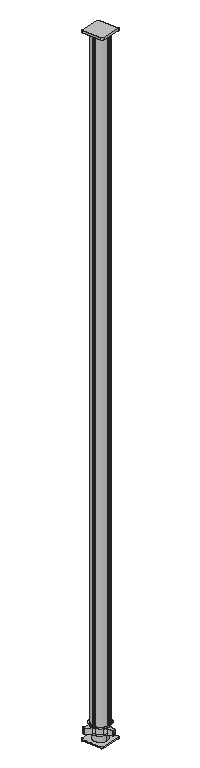
Revit family "EHL_ALUPROP 4,5-6,0_2220040", category Generic Models, Revit 2018
Family settings
  Can host rebar = No
  Round Connector Dimension = Use Diameter
  Part Type = Normal
  OmniClass Number = 35.51.14.00
  OmniClass Title = FORMWORK
  Work Plane-Based = Yes
  Always vertical = No
  Cut with Voids When Loaded = No
  Shared = Yes
  Room Calculation Point = No
Parameters (values of type "EHL_ALUPROP 4,5-6,0_2220040")
  VERSION = "20190101"  # constant formula
  URL = "www.ulmaconstruction.com/en"
  UNICLASS = ""
  Manufacturer = "ULMA CONSTRUCTION"  # constant formula
  MIN LENGTH = 4500.000 mm
  MAX LENGTH = 6000.000 mm
  ITEM_HEIGHT [instance] = if(HEIGHT < MIN LENGTH, MIN LENGTH, if(HEIGHT < MAX LENGTH, HEIGHT, MAX LENGTH))  # 4500.000 mm
  ITEM_CODE = "2220040"
  HEIGHT [instance] = 4500.000 mm
  FILTER [instance] = ""
  Default Elevation = 0.000 mm
  CLASSIFICATION_TITLE = ""
  CLASSIFICATION_NUMBER = ""
Reference planes
  plane 1 "Centro (Frontal/Posterior)": y = 0
  plane 2: z = 0
  plane 3 "Centro (Izquierda/Derecha)": x = 0
  plane 4 "ITEM_HEIGHT": z = 4500
  plane 5 "EXTERIOR TUBE": z = 58
  plane 6 "INSIDE TUBE": z = 1915
  plane 7 "NUT": z = 111
  plane 8: z = 4490
  plane 9: z = 10
  plane 10 "HEIGHT": z = 4500
Forms (mm)
  Extrusion 1, solid, material "ULMA ALUMINIUM", detail levels medium+fine
    sketch origin (0, 0, 0) x (1, 0, 0) y (0, 1, 0)
      loop
        arc (-65, 75) -> (-72.071, 72.071) -> (-75, 65) r 10
        line (-75, 65) -> (-75, -65)
        arc (-75, -65) -> (-72.071, -72.071) -> (-65, -75) r 10
        line (-65, -75) -> (65, -75)
        arc (65, -75) -> (72.071, -72.071) -> (75, -65) r 10
        line (75, -65) -> (75, 65)
        arc (75, 65) -> (72.071, 72.071) -> (65, 75) r 10
        line (65, 75) -> (-65, 75)
    from 0 to 10
  Extrusion 2, solid, material "ULMA ALUMINIUM", detail levels medium+fine
    sketch origin (0, 0, 0) x (1, 0, 0) y (0, 1, 0)
      loop
        circle (0, 0) r 47.5
    from 10 to 1915
  Extrusion 3, solid, material "ULMA ALUMINIUM", detail levels medium+fine
    sketch origin (0, 0, 740) x (1, 0, 0) y (0, 1, 0)
      loop
        arc (-65, 75) -> (-72.071, 72.071) -> (-75, 65) r 10
        line (-75, 65) -> (-75, -65)
        arc (-75, -65) -> (-72.071, -72.071) -> (-65, -75) r 10
        line (-65, -75) -> (65, -75)
        arc (65, -75) -> (72.071, -72.071) -> (75, -65) r 10
        line (75, -65) -> (75, 65)
        arc (75, 65) -> (72.071, 72.071) -> (65, 75) r 10
        line (65, 75) -> (-65, 75)
    from 3750 to 3760
  Extrusion 4, solid, material "ULMA ALUMINIUM", detail levels medium+fine
    sketch origin (0, 0, 0) x (1, 0, 0) y (0, 1, 0)
      loop
        arc (55.325, 8.668) -> (39.598, 39.598) -> (8.668, 55.325) r 56
        arc (8.668, 55.325) -> (8.221, 55.514) -> (7.916, 55.89) r 1
        line (7.916, 55.89) -> (6.404, 59.134)
        arc (6.404, 59.134) -> (5.85, 59.765) -> (5.044, 60) r 1.5
        line (5.044, 60) -> (-5.044, 60)
        arc (-5.044, 60) -> (-5.85, 59.765) -> (-6.404, 59.134) r 1.5
        line (-6.404, 59.134) -> (-7.916, 55.89)
        arc (-7.916, 55.89) -> (-8.221, 55.514) -> (-8.668, 55.325) r 1
        arc (-8.668, 55.325) -> (-39.598, 39.598) -> (-55.325, 8.668) r 56
        arc (-55.325, 8.668) -> (-55.514, 8.221) -> (-55.89, 7.916) r 1
        line (-55.89, 7.916) -> (-59.134, 6.404)
        arc (-59.134, 6.404) -> (-59.765, 5.85) -> (-60, 5.044) r 1.5
        line (-60, 5.044) -> (-60, -5.044)
        arc (-60, -5.044) -> (-59.765, -5.85) -> (-59.134, -6.404) r 1.5
        line (-59.134, -6.404) -> (-55.89, -7.916)
        arc (-55.89, -7.916) -> (-55.514, -8.221) -> (-55.325, -8.668) r 1
        arc (-55.325, -8.668) -> (-39.598, -39.598) -> (-8.668, -55.325) r 56
        arc (-8.668, -55.325) -> (-8.221, -55.514) -> (-7.916, -55.89) r 1
        line (-7.916, -55.89) -> (-6.404, -59.134)
        arc (-6.404, -59.134) -> (-5.85, -59.765) -> (-5.044, -60) r 1.5
        line (-5.044, -60) -> (5.044, -60)
        arc (5.044, -60) -> (5.85, -59.765) -> (6.404, -59.134) r 1.5
        line (6.404, -59.134) -> (7.916, -55.89)
        arc (7.916, -55.89) -> (8.221, -55.514) -> (8.668, -55.325) r 1
        arc (8.668, -55.325) -> (39.598, -39.598) -> (55.325, -8.668) r 56
        arc (55.325, -8.668) -> (55.514, -8.221) -> (55.89, -7.916) r 1
        line (55.89, -7.916) -> (59.134, -6.404)
        arc (59.134, -6.404) -> (59.765, -5.85) -> (60, -5.044) r 1.5
        line (60, -5.044) -> (60, 5.044)
        arc (60, 5.044) -> (59.765, 5.85) -> (59.134, 6.404) r 1.5
        line (59.134, 6.404) -> (55.89, 7.916)
        arc (55.89, 7.916) -> (55.514, 8.221) -> (55.325, 8.668) r 1
    from 111 to 4490
  Revolve 5, solid, material "ULMA ALUMINIUM", detail levels fine
    sketch origin (0, 0, 0) x (1, 0, 0) y (0, 0, 1)
      loop
        line (-67.5, 111) -> (-67.5, 106.7) -> (-54, 106.7) -> (-54, 62.998) -> (-62.5, 62.998) -> (-62.5, 58) -> (0, 58) -> (0, 111) -> (-67.5, 111)
      axis (0, 111) -> (0, 58)
    angle from 0 to 360
  Extrusion 6, solid, material "ULMA ALUMINIUM", detail levels fine
    sketch origin (0, 0, 0) x (1, 0, 0) y (0, 1, 0)
      loop
        line (-45.999, 42.313) -> (-49.88, 14.697) -> (12.212, 50.546) -> (-13.645, 60.992) -> (-40.109, 87.457)
        arc (-40.109, 87.457) -> (-42.401, 88.764) -> (-45.04, 88.722) r 5
        arc (-45.04, 88.722) -> (-49.75, 86.17) -> (-54.316, 83.367) r 99.5
        arc (-54.316, 83.367) -> (-55.671, 81.102) -> (-55.685, 78.464) r 5
        line (-55.685, 78.464) -> (-45.999, 42.313)
      loop
        line (59.643, 18.68) -> (37.668, 35.848) -> (37.668, -35.848) -> (59.643, -18.68) -> (95.794, -8.993)
        arc (95.794, -8.993) -> (98.072, -7.662) -> (99.356, -5.356) r 5
        arc (99.356, -5.356) -> (99.5, 0) -> (99.356, 5.356) r 99.5
        arc (99.356, 5.356) -> (98.072, 7.662) -> (95.794, 8.993) r 5
        line (95.794, 8.993) -> (59.643, 18.68)
      loop
        line (-13.645, -60.992) -> (12.212, -50.546) -> (-49.88, -14.697) -> (-45.999, -42.313) -> (-55.685, -78.464)
        arc (-55.685, -78.464) -> (-55.671, -81.102) -> (-54.316, -83.367) r 5
        arc (-54.316, -83.367) -> (-49.75, -86.17) -> (-45.04, -88.722) r 99.5
        arc (-45.04, -88.722) -> (-42.401, -88.764) -> (-40.109, -87.457) r 5
        line (-40.109, -87.457) -> (-13.645, -60.992)
    from 58 to 92.998
Cuts and joins
  joined: Revolve 5, Extrusion 6
Lines and regions (mm)
  model lines, style "ULMA ALUPROP", detail levels fine
    curve 1: circle (-58.362, 58.362, 0) r 6 normal (0, 0, 1)
    curve 2: circle (-25.831, 62.362, 0) r 6 normal (0, 0, 1)
    curve 3: circle (25.831, 62.362, 0) r 6 normal (0, 0, 1)
    curve 4: circle (58.362, 58.362, 0) r 6 normal (0, 0, 1)
    curve 5: circle (62.362, 25.831, 0) r 6 normal (0, 0, 1)
    curve 6: circle (62.362, -25.831, 0) r 6 normal (0, 0, 1)
    curve 7: circle (58.362, -58.362, 0) r 6 normal (0, 0, 1)
    curve 8: circle (25.831, -62.362, 0) r 6 normal (0, 0, 1)
    curve 9: circle (-25.831, -62.362, 0) r 6 normal (0, 0, 1)
    curve 10: circle (-58.362, -58.362, 0) r 6 normal (0, 0, 1)
    curve 11: circle (-62.362, -25.831, 0) r 6 normal (0, 0, 1)
    curve 12: circle (-62.362, 25.831, 0) r 6 normal (0, 0, 1)
    curve 13: circle (0, 0, 0) r 21 normal (0, 0, 1)
    curve 14: circle (-58.362, 58.362, 4500) r 6 normal (0, 0, 1)
    curve 15: circle (-25.831, 62.362, 4500) r 6 normal (0, 0, 1)
    curve 16: circle (25.831, 62.362, 4500) r 6 normal (0, 0, 1)
    curve 17: circle (58.362, 58.362, 4500) r 6 normal (0, 0, 1)
    curve 18: circle (62.362, 25.831, 4500) r 6 normal (0, 0, 1)
    curve 19: circle (62.362, -25.831, 4500) r 6 normal (0, 0, 1)
    curve 20: circle (58.362, -58.362, 4500) r 6 normal (0, 0, 1)
    curve 21: circle (25.831, -62.362, 4500) r 6 normal (0, 0, 1)
    curve 22: circle (-25.831, -62.362, 4500) r 6 normal (0, 0, 1)
    curve 23: circle (-58.362, -58.362, 4500) r 6 normal (0, 0, 1)
    curve 24: circle (-62.362, -25.831, 4500) r 6 normal (0, 0, 1)
    curve 25: circle (-62.362, 25.831, 4500) r 6 normal (0, 0, 1)
    curve 26: circle (0, 0, 4500) r 21 normal (0, 0, 1)
    curve 27: circle (-58.362, 58.362, 10) r 6 normal (0, 0, 1)
    curve 28: circle (-25.831, 62.362, 10) r 6 normal (0, 0, 1)
    curve 29: circle (25.831, 62.362, 10) r 6 normal (0, 0, 1)
    curve 30: circle (58.362, 58.362, 10) r 6 normal (0, 0, 1)
    curve 31: circle (62.362, 25.831, 10) r 6 normal (0, 0, 1)
    curve 32: circle (62.362, -25.831, 10) r 6 normal (0, 0, 1)
    curve 33: circle (58.362, -58.362, 10) r 6 normal (0, 0, 1)
    curve 34: circle (25.831, -62.362, 10) r 6 normal (0, 0, 1)
    curve 35: circle (-25.831, -62.362, 10) r 6 normal (0, 0, 1)
    curve 36: circle (-58.362, -58.362, 10) r 6 normal (0, 0, 1)
    curve 37: circle (-62.362, -25.831, 10) r 6 normal (0, 0, 1)
    curve 38: circle (-62.362, 25.831, 10) r 6 normal (0, 0, 1)
    curve 39: circle (-58.362, 58.362, 4490) r 6 normal (0, 0, 1)
    curve 40: circle (-25.831, 62.362, 4490) r 6 normal (0, 0, 1)
    curve 41: circle (25.831, 62.362, 4490) r 6 normal (0, 0, 1)
    curve 42: circle (58.362, 58.362, 4490) r 6 normal (0, 0, 1)
    curve 43: circle (62.362, 25.831, 4490) r 6 normal (0, 0, 1)
    curve 44: circle (62.362, -25.831, 4490) r 6 normal (0, 0, 1)
    curve 45: circle (58.362, -58.362, 4490) r 6 normal (0, 0, 1)
    curve 46: circle (25.831, -62.362, 4490) r 6 normal (0, 0, 1)
    curve 47: circle (-25.831, -62.362, 4490) r 6 normal (0, 0, 1)
    curve 48: circle (-58.362, -58.362, 4490) r 6 normal (0, 0, 1)
    curve 49: circle (-62.362, -25.831, 4490) r 6 normal (0, 0, 1)
    curve 50: circle (-62.362, 25.831, 4490) r 6 normal (0, 0, 1)
    curve 51: circle (0, 0, 58) r 47.5 normal (0, 0, 1)
  model lines, style "ULMA ALUPROP", detail levels coarse
    curve 52: circle (0, 0, 0) r 50 normal (0, 0, 1)
    curve 53: line (0, 0, 0) -> (0, 0, 4500)
Dimensions and locks
  equal spacing: plane 7 "NUT", Revolve 5 sketch curve, Revolve 5 sketch curve, plane 5 "EXTERIOR TUBE"
  locked: cut or joined group of Revolve 5, Extrusion 6 to plane 5 "EXTERIOR TUBE" at 34.998
  "ITEM_HEIGHT": plane 4 "ITEM_HEIGHT" to plane 2
  plane 4 "ITEM_HEIGHT" to plane 8 = 10.000 mm
  locked: plane 9 to plane 2 at 10
  "HEIGHT": plane 10 "HEIGHT" to plane 2
  locked: plane 6 "INSIDE TUBE" to plane 9 at 1905
  locked: plane 7 "NUT" to plane 5 "EXTERIOR TUBE" at 53
  locked: plane 8 to plane 7 "NUT" at 4379
  aligned and locked: level to plane 2
  aligned and locked: Extrusion 2 to Extrusion 1
  aligned and locked: plane 6 "INSIDE TUBE" to Extrusion 2
  aligned and locked: plane 4 "ITEM_HEIGHT" to Extrusion 3
  aligned and locked: Extrusion 4 to Extrusion 3
  aligned and locked: Extrusion 4 to plane 7 "NUT"
  aligned and locked: cut or joined group of Revolve 5, Extrusion 6 to plane 5 "EXTERIOR TUBE"
  aligned and locked: Extrusion 3 to plane 8
  aligned and locked: plane 9 to Extrusion 1
  aligned and locked: plane 4 "ITEM_HEIGHT" to curve 53
  aligned and locked: plane 2 to curve 53
Automatic sketch dimensions
  Extrusion 1 sketch curve to plane 3 "Centro (Izquierda/Derecha)" = 75.000 mm
  Extrusion 1 sketch curve to Extrusion 1 sketch curve = 10.000 mm  (x3)
  plane 3 "Centro (Izquierda/Derecha)" to Extrusion 1 sketch curve = 65.000 mm  (x2)
  plane 1 "Centro (Frontal/Posterior)" to Extrusion 1 sketch curve = 75.000 mm
  Extrusion 1 sketch curve to plane 1 "Centro (Frontal/Posterior)" = 65.000 mm
  plane 1 "Centro (Frontal/Posterior)" to Extrusion 2 sketch curve = 0.000 mm
  Extrusion 2 sketch curve to plane 3 "Centro (Izquierda/Derecha)" = 0.000 mm
  Extrusion 3 sketch curve to plane 3 "Centro (Izquierda/Derecha)" = 75.000 mm
  Extrusion 3 sketch curve to Extrusion 3 sketch curve = 10.000 mm  (x3)
  plane 3 "Centro (Izquierda/Derecha)" to Extrusion 3 sketch curve = 65.000 mm  (x2)
  plane 1 "Centro (Frontal/Posterior)" to Extrusion 3 sketch curve = 75.000 mm
  Extrusion 3 sketch curve to plane 1 "Centro (Frontal/Posterior)" = 65.000 mm
  Extrusion 4 sketch curve to Extrusion 4 sketch curve = 0.000 mm  (x20)
  plane 1 "Centro (Frontal/Posterior)" to Extrusion 4 sketch curve = 0.000 mm
  Extrusion 4 sketch curve to plane 3 "Centro (Izquierda/Derecha)" = 0.000 mm
  Extrusion 4 sketch curve to plane 3 "Centro (Izquierda/Derecha)" = 5.044 mm  (x2)
  Extrusion 4 sketch curve to Extrusion 4 sketch curve = 1.359 mm  (x4)
  Extrusion 4 sketch curve to Extrusion 4 sketch curve = 1.512 mm  (x4)
  Extrusion 4 sketch curve to Extrusion 4 sketch curve = 0.906 mm  (x8)
  plane 1 "Centro (Frontal/Posterior)" to Extrusion 4 sketch curve = 7.916 mm  (x2)
  Extrusion 4 sketch curve to plane 3 "Centro (Izquierda/Derecha)" = 55.890 mm
  Extrusion 4 sketch curve to plane 1 "Centro (Frontal/Posterior)" = 7.916 mm  (x2)
  Extrusion 4 sketch curve to Extrusion 4 sketch curve = 0.423 mm  (x8)
  Extrusion 4 sketch curve to Extrusion 4 sketch curve = 2.610 mm  (x8)
  Extrusion 4 sketch curve to plane 1 "Centro (Frontal/Posterior)" = 6.404 mm  (x2)
  Extrusion 4 sketch curve to Extrusion 4 sketch curve = 0.634 mm  (x6)
  plane 1 "Centro (Frontal/Posterior)" to Extrusion 4 sketch curve = 6.404 mm  (x2)
  Extrusion 4 sketch curve to Extrusion 4 sketch curve = 1.500 mm  (x2)
  plane 3 "Centro (Izquierda/Derecha)" to Extrusion 4 sketch curve = 5.044 mm  (x2)
  plane 3 "Centro (Izquierda/Derecha)" to Extrusion 4 sketch curve = 55.890 mm
  plane 1 "Centro (Frontal/Posterior)" to Extrusion 4 sketch curve = 55.890 mm
  Extrusion 4 sketch curve to plane 1 "Centro (Frontal/Posterior)" = 55.890 mm
  Revolve 5 sketch curve to plane 7 "NUT" = 0.000 mm  (x2)
  Revolve 5 sketch curve to plane 5 "EXTERIOR TUBE" = 0.000 mm  (x2)
  Revolve 5 sketch curve to plane 3 "Centro (Izquierda/Derecha)" = 0.000 mm  (x2)
  Revolve 5 sketch curve to plane 7 "NUT" = 4.300 mm
  Revolve 5 sketch curve to plane 3 "Centro (Izquierda/Derecha)" = 54.000 mm
  Revolve 5 sketch curve to Revolve 5 sketch curve = 8.500 mm
  Revolve 5 sketch curve to Revolve 5 sketch curve = 13.500 mm
  plane 5 "EXTERIOR TUBE" to Revolve 5 sketch curve = 4.998 mm
  Extrusion 6 sketch curve to Extrusion 6 sketch curve = 0.000 mm  (x7)
  plane 1 "Centro (Frontal/Posterior)" to Extrusion 6 sketch curve = 0.000 mm
  Extrusion 6 sketch curve to plane 3 "Centro (Izquierda/Derecha)" = 0.000 mm
  Extrusion 6 sketch curve to plane 3 "Centro (Izquierda/Derecha)" = 13.645 mm  (x2)
  Extrusion 6 sketch curve to Extrusion 6 sketch curve = 26.464 mm  (x2)
  Extrusion 6 sketch curve to Extrusion 6 sketch curve = 3.536 mm  (x4)
  Extrusion 6 sketch curve to Extrusion 6 sketch curve = 32.354 mm  (x2)
  plane 1 "Centro (Frontal/Posterior)" to Extrusion 6 sketch curve = 14.697 mm
  Extrusion 6 sketch curve to Extrusion 6 sketch curve = 3.881 mm  (x2)
  Extrusion 6 sketch curve to plane 1 "Centro (Frontal/Posterior)" = 14.697 mm
  Extrusion 6 sketch curve to Extrusion 6 sketch curve = 7.211 mm  (x2)
  Extrusion 6 sketch curve to Extrusion 6 sketch curve = 4.830 mm  (x2)
  plane 3 "Centro (Izquierda/Derecha)" to Extrusion 6 sketch curve = 12.212 mm  (x2)
  Extrusion 6 sketch curve to Extrusion 6 sketch curve = 25.457 mm
  plane 1 "Centro (Frontal/Posterior)" to Extrusion 6 sketch curve = 18.680 mm
  Extrusion 6 sketch curve to Extrusion 6 sketch curve = 21.975 mm  (x2)
  Extrusion 6 sketch curve to plane 1 "Centro (Frontal/Posterior)" = 18.680 mm
  Extrusion 6 sketch curve to plane 1 "Centro (Frontal/Posterior)" = 4.163 mm
  Extrusion 6 sketch curve to Extrusion 6 sketch curve = 34.857 mm
  plane 1 "Centro (Frontal/Posterior)" to Extrusion 6 sketch curve = 4.163 mm
  plane 1 "Centro (Frontal/Posterior)" to Extrusion 6 sketch curve = 8.993 mm
  Extrusion 6 sketch curve to Extrusion 6 sketch curve = 1.294 mm  (x4)
  Extrusion 6 sketch curve to plane 1 "Centro (Frontal/Posterior)" = 8.993 mm
  Extrusion 6 sketch curve to Extrusion 6 sketch curve = 17.169 mm  (x2)
  Extrusion 6 sketch curve to Extrusion 6 sketch curve = 27.615 mm  (x2)
  Extrusion 6 sketch curve to Extrusion 6 sketch curve = 14.697 mm  (x2)
  Extrusion 6 sketch curve to Extrusion 6 sketch curve = 10.447 mm  (x2)
  Extrusion 6 sketch curve to Extrusion 6 sketch curve = 36.151 mm  (x2)
  Extrusion 6 sketch curve to Extrusion 6 sketch curve = 4.163 mm  (x2)
  Extrusion 6 sketch curve to Extrusion 6 sketch curve = 1.395 mm  (x2)
  Extrusion 6 sketch curve to Extrusion 6 sketch curve = 4.856 mm
  curve 25 to Extrusion 3 = 12.638 mm
  curve 24 to Extrusion 3 = 12.638 mm
  curve 23 to Extrusion 3 = 16.638 mm  (x2)
  curve 14 to Extrusion 3 = 16.638 mm  (x2)
  curve 22 to Extrusion 3 = 12.638 mm
  curve 23 to curve 22 = 32.531 mm
  curve 15 to Extrusion 3 = 12.638 mm
  curve 14 to curve 15 = 32.531 mm
  curve 15 to curve 26 = 25.831 mm
  curve 16 to Extrusion 3 = 12.638 mm
  curve 16 to Extrusion 3 = 49.169 mm
  curve 21 to Extrusion 3 = 12.638 mm
  curve 21 to Extrusion 3 = 49.169 mm
  curve 17 to Extrusion 3 = 16.638 mm  (x2)
  curve 20 to Extrusion 3 = 16.638 mm  (x2)
  curve 18 to Extrusion 3 = 12.638 mm
  curve 19 to Extrusion 3 = 12.638 mm
  curve 20 to curve 19 = 32.531 mm
  curve 23 to curve 24 = 32.531 mm
  curve 26 to curve 15 = 62.362 mm
  curve 25 to Extrusion 3 = 49.169 mm
  curve 18 to Extrusion 3 = 49.169 mm
  curve 37 to Extrusion 1 = 12.638 mm
  curve 38 to Extrusion 1 = 12.638 mm
  curve 36 to Extrusion 1 = 16.638 mm  (x2)
  curve 27 to Extrusion 1 = 16.638 mm  (x2)
  curve 28 to Extrusion 1 = 12.638 mm
  curve 27 to curve 28 = 32.531 mm
  curve 35 to Extrusion 1 = 12.638 mm
  curve 36 to curve 35 = 32.531 mm
  curve 34 to Extrusion 1 = 12.638 mm
  curve 34 to Extrusion 1 = 49.169 mm
  curve 29 to Extrusion 1 = 12.638 mm
  curve 29 to Extrusion 1 = 49.169 mm
  curve 30 to Extrusion 1 = 16.638 mm  (x2)
  curve 33 to Extrusion 1 = 16.638 mm  (x2)
  curve 32 to Extrusion 1 = 12.638 mm
  curve 31 to Extrusion 1 = 12.638 mm
  curve 33 to curve 32 = 32.531 mm
  curve 36 to curve 37 = 32.531 mm
  curve 38 to Extrusion 1 = 49.169 mm
  curve 31 to Extrusion 1 = 49.169 mm
  Extrusion 3 to curve 49 = 12.638 mm
  Extrusion 3 to curve 50 = 12.638 mm
  Extrusion 3 to curve 48 = 16.638 mm  (x2)
  Extrusion 3 to curve 39 = 16.638 mm  (x2)
  Extrusion 3 to curve 40 = 12.638 mm
  curve 39 to curve 40 = 32.531 mm
  Extrusion 3 to curve 47 = 12.638 mm
  curve 48 to curve 47 = 32.531 mm
  Extrusion 3 to curve 46 = 12.638 mm
  Extrusion 3 to curve 46 = 49.169 mm
  Extrusion 3 to curve 41 = 12.638 mm
  Extrusion 3 to curve 41 = 49.169 mm
  Extrusion 3 to curve 42 = 16.638 mm  (x2)
  Extrusion 3 to curve 45 = 16.638 mm  (x2)
  Extrusion 3 to curve 44 = 12.638 mm
  Extrusion 3 to curve 43 = 12.638 mm
  curve 45 to curve 44 = 32.531 mm
  curve 48 to curve 49 = 32.531 mm
  Extrusion 3 to curve 50 = 49.169 mm
  Extrusion 3 to curve 43 = 49.169 mm
  curve 13 to curve 52 = 0.000 mm  (x2)
  plane 1 "Centro (Frontal/Posterior)" to curve 13 = 0.000 mm
  curve 13 to plane 3 "Centro (Izquierda/Derecha)" = 0.000 mm
  curve 2 to plane 3 "Centro (Izquierda/Derecha)" = 25.831 mm
  curve 9 to plane 3 "Centro (Izquierda/Derecha)" = 25.831 mm
  curve 1 to curve 2 = 32.531 mm
  curve 10 to curve 9 = 32.531 mm
  curve 12 to curve 1 = 4.000 mm
  curve 11 to curve 10 = 4.000 mm
  plane 3 "Centro (Izquierda/Derecha)" to curve 8 = 25.831 mm
  plane 3 "Centro (Izquierda/Derecha)" to curve 3 = 25.831 mm
  curve 3 to curve 4 = 32.531 mm
  curve 8 to curve 7 = 32.531 mm
  curve 4 to curve 5 = 4.000 mm
  curve 7 to curve 6 = 4.000 mm
  plane 1 "Centro (Frontal/Posterior)" to curve 11 = 25.831 mm
  plane 1 "Centro (Frontal/Posterior)" to curve 6 = 25.831 mm
  curve 7 to curve 6 = 32.531 mm
  curve 10 to curve 11 = 32.531 mm
  curve 8 to curve 7 = 4.000 mm
  curve 9 to curve 10 = 4.000 mm
  curve 12 to plane 1 "Centro (Frontal/Posterior)" = 25.831 mm
  curve 5 to plane 1 "Centro (Frontal/Posterior)" = 25.831 mm
  curve 12 to curve 1 = 32.531 mm
  curve 5 to curve 4 = 32.531 mm
  curve 1 to curve 2 = 4.000 mm
  curve 4 to curve 3 = 4.000 mm
  curve 53 to plane 3 "Centro (Izquierda/Derecha)" = 0.000 mm
  radius of Extrusion 2 sketch curve = 47.500 mm
  radius of curve 14 = 6.000 mm
  radius of curve 15 = 6.000 mm
  radius of curve 16 = 6.000 mm
  radius of curve 17 = 6.000 mm
  radius of curve 18 = 6.000 mm
  radius of curve 19 = 6.000 mm
  radius of curve 20 = 6.000 mm
  radius of curve 21 = 6.000 mm
  radius of curve 22 = 6.000 mm
  radius of curve 23 = 6.000 mm
  radius of curve 24 = 6.000 mm
  radius of curve 25 = 6.000 mm
  radius of curve 26 = 21.000 mm
  radius of curve 27 = 6.000 mm
  radius of curve 28 = 6.000 mm
  radius of curve 29 = 6.000 mm
  radius of curve 30 = 6.000 mm
  radius of curve 31 = 6.000 mm
  radius of curve 32 = 6.000 mm
  radius of curve 33 = 6.000 mm
  radius of curve 34 = 6.000 mm
  radius of curve 35 = 6.000 mm
  radius of curve 36 = 6.000 mm
  radius of curve 37 = 6.000 mm
  radius of curve 38 = 6.000 mm
  radius of curve 39 = 6.000 mm
  radius of curve 40 = 6.000 mm
  radius of curve 41 = 6.000 mm
  radius of curve 42 = 6.000 mm
  radius of curve 43 = 6.000 mm
  radius of curve 44 = 6.000 mm
  radius of curve 45 = 6.000 mm
  radius of curve 46 = 6.000 mm
  radius of curve 47 = 6.000 mm
  radius of curve 48 = 6.000 mm
  radius of curve 49 = 6.000 mm
  radius of curve 50 = 6.000 mm
  radius of curve 51 to Revolve 5 = 15.000 mm
  radius of curve 1 = 6.000 mm
  radius of curve 2 = 6.000 mm
  radius of curve 3 = 6.000 mm
  radius of curve 4 = 6.000 mm
  radius of curve 5 = 6.000 mm
  radius of curve 6 = 6.000 mm
  radius of curve 7 = 6.000 mm
  radius of curve 8 = 6.000 mm
  radius of curve 9 = 6.000 mm
  radius of curve 10 = 6.000 mm
  radius of curve 11 = 6.000 mm
  radius of curve 12 = 6.000 mm
  radius of curve 13 = 21.000 mm
  radius of curve 52 = 50.000 mm
